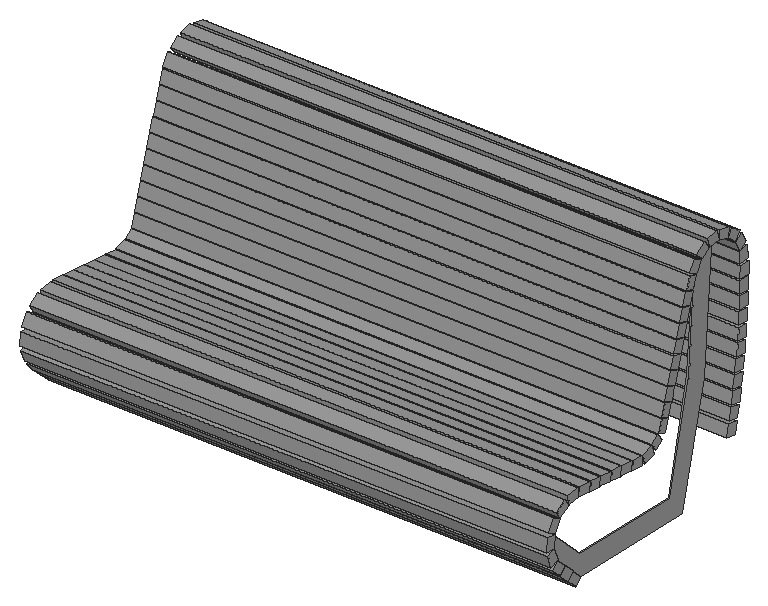
Revit family "Скамейка стальная «Парабола» Арт 12220", category Антураж, Revit 2018
Family settings
  На основе рабочей плоскости = Нет
  Всегда вертикально = Да
  При загрузке вырезать с полостями = Нет
  Источник визуального образа = Геометрия семейства
  Общий = Нет
  Точка расчета площади = Нет
Parameters (values of type "Версия 1,8 м")
  Ширина = 860 mm  # constant formula
  Цвет сидения = Дерево
  Цвет опоры = Сталь
  Средняя опора = [Версия 3,0 м]  # no
  Описание = if([Версия 1,5 м], "Скамейка стальная «Парабола». Версия 1,5 м", if([Версия 1,8 м], "Скамейка стальная «Парабола». Версия 1,8 м", if([Версия 2,0 м], "Скамейка стальная «Парабола». Версия 2,0 м", "Скамейка стальная «Парабола». Версия 3,0 м")))  # "Скамейка стальная «Парабола». Версия 1,8 м"
  Материал изделия = "Сталь, дерево"  # constant formula
  Изображение типоразмера = Скамейка стальная «Парабола» Арт 12220.jpg
  Изготовитель = "ООО «Хоббика»"  # constant formula
  Длина = if([Версия 1,5 м], 1500 mm, if([Версия 1,8 м], 1800 mm, if([Версия 2,0 м], 2000 mm, 3000 mm)))  # 1800 mm
  Группа модели = "Скамейки"  # constant formula
  Высота = 900 mm  # constant formula
  Версия 3,0 м = not(or([Версия 1,5 м], [Версия 1,8 м], [Версия 2,0 м]))  # no
  Версия 2,0 м = no
  Версия 1,8 м = yes
  Версия 1,5 м = no
  Артикул товара = "Арт. 12220"  # constant formula
  URL = "https://hobbyka.ru/product/skameyka_parabola/"
Types (5, lengths in mm): name | Средняя опора | Описание | Длина | Версия 3,0 м | Версия 2,0 м | Версия 1,8 м | Версия 1,5 м
  (no name) | no | "Скамейка стальная «Парабола». Версия 1,8 м" | 1800 | no | no | yes | no
  Версия 1,5 м | no | "Скамейка стальная «Парабола». Версия 1,5 м" | 1500 | no | no | no | yes
  Версия 1,8 м | no | "Скамейка стальная «Парабола». Версия 1,8 м" | 1800 | no | no | yes | no
  Версия 2,0 м | no | "Скамейка стальная «Парабола». Версия 2,0 м" | 2000 | no | yes | no | no
  Версия 3,0 м | yes | "Скамейка стальная «Парабола». Версия 3,0 м" | 3000 | yes | no | no | no
Reference planes
  plane 1 "По центру (Вперед/Назад)": y = 0
  plane 2: z = 0
  plane 3 "По центру (Влево/Вправо)": x = 0
  plane 4: x = 100
  plane 5: x = 1700
  plane 6: x = 1800
  plane 7: y = 860
  plane 8: z = 900
Forms (mm)
  Extrusion 1, solid, material "Дерево" <- "Цвет сидения"
    sketch origin (0, 0, 0) x (0, 1, 0) y (0, 0, 1)
      loop
        line (403.862, 313.575) -> (406.477, 343.461) -> (364.637, 347.121) -> (362.022, 317.235) -> (403.862, 313.575)
      loop
        line (359.033, 317.497) -> (361.648, 347.383) -> (319.808, 351.043) -> (317.193, 321.157) -> (359.033, 317.497)
      loop
        line (314.205, 321.419) -> (316.819, 351.305) -> (274.979, 354.965) -> (272.364, 325.079) -> (314.205, 321.419)
      loop
        line (269.376, 325.341) -> (271.99, 355.227) -> (230.15, 358.887) -> (227.536, 329.001) -> (269.376, 325.341)
      loop
        line (224.547, 329.263) -> (227.162, 359.149) -> (185.321, 362.809) -> (182.707, 332.923) -> (224.547, 329.263)
      loop
        line (179.718, 333.185) -> (182.333, 363.071) -> (140.493, 366.731) -> (137.878, 336.845) -> (179.718, 333.185)
      loop
        line (134.889, 337.107) -> (130.397, 366.769) -> (88.87, 360.479) -> (93.363, 330.817) -> (134.889, 337.107)
      loop
        line (91.695, 330.185) -> (74.87, 355.023) -> (40.097, 331.469) -> (56.921, 306.63) -> (91.695, 330.185)
      loop
        line (54.869, 304.442) -> (28.806, 319.299) -> (8.007, 282.81) -> (34.07, 267.954) -> (54.869, 304.442)
      loop
        line (33.532, 266.252) -> (3.612, 268.441) -> (0.547, 226.553) -> (30.468, 224.364) -> (33.532, 266.252)
      loop
        line (30.715, 222.597) -> (2.767, 211.692) -> (18.034, 172.565) -> (45.982, 183.47) -> (30.715, 222.597)
      loop
        line (47.662, 180.984) -> (26.279, 159.942) -> (55.739, 130.006) -> (77.121, 151.049) -> (47.662, 180.984)
      loop
        line (79.481, 149.165) -> (58.9, 127.338) -> (89.457, 98.524) -> (110.038, 120.35) -> (79.481, 149.165)
      loop
        line (112.392, 118.475) -> (91.811, 96.648) -> (122.368, 67.834) -> (142.949, 89.66) -> (112.392, 118.475)
      loop
        line (636.701, 798.036) -> (608.039, 806.895) -> (595.637, 766.767) -> (624.3, 757.909) -> (636.701, 798.036)
      loop
        line (623.414, 755.043) -> (594.751, 763.901) -> (582.35, 723.774) -> (611.012, 714.915) -> (623.414, 755.043)
      loop
        line (610.127, 712.049) -> (581.464, 720.907) -> (569.063, 680.78) -> (597.725, 671.922) -> (610.127, 712.049)
      loop
        line (596.839, 669.056) -> (568.177, 677.914) -> (555.776, 637.786) -> (584.438, 628.928) -> (596.839, 669.056)
      loop
        line (583.552, 626.062) -> (554.89, 634.92) -> (542.488, 594.793) -> (571.151, 585.935) -> (583.552, 626.062)
      loop
        line (570.265, 583.068) -> (541.603, 591.926) -> (529.201, 551.799) -> (557.864, 542.941) -> (570.265, 583.068)
      loop
        line (556.978, 540.075) -> (528.315, 548.933) -> (515.914, 508.805) -> (544.577, 499.947) -> (556.978, 540.075)
      loop
        line (543.691, 497.081) -> (515.028, 505.939) -> (502.627, 465.812) -> (531.289, 456.954) -> (543.691, 497.081)
      loop
        line (530.404, 454.087) -> (501.741, 462.946) -> (489.34, 422.818) -> (518.002, 413.96) -> (530.404, 454.087)
      loop
        line (517.116, 411.094) -> (488.454, 419.952) -> (476.053, 379.825) -> (504.715, 370.966) -> (517.116, 411.094)
      loop
        line (491.295, 356.186) -> (475.167, 376.958) -> (449.673, 357.165) -> (465.801, 336.392) -> (491.295, 356.186)
      loop
        line (454.663, 326.926) -> (445.823, 355.594) -> (407.599, 343.807) -> (416.439, 315.139) -> (454.663, 326.926)
      loop
        line (638.228, 801.697) -> (659.006, 831.877) -> (630.51, 848.329) -> (610.617, 813.874) -> (638.228, 801.697)
      loop
        line (661.754, 834.737) -> (692.895, 854.044) -> (673.396, 880.547) -> (641.35, 856.97) -> (661.754, 834.737)
      loop
        line (696.72, 855.146) -> (733.013, 860.178) -> (725.925, 892.31) -> (687.074, 883.74) -> (696.72, 855.146)
      loop
        line (736.978, 860.08) -> (772.241, 850.127) -> (778.642, 882.402) -> (739.617, 890.141) -> (736.978, 860.08)
      loop
        line (775.715, 848.209) -> (803.982, 824.894) -> (822.841, 851.858) -> (790.239, 874.66) -> (775.715, 848.209)
      loop
        line (806.251, 821.625) -> (822.646, 788.856) -> (850.813, 805.865) -> (830.247, 839.922) -> (806.251, 821.625)
      loop
        line (823.823, 785.069) -> (825.692, 748.476) -> (858.317, 752.753) -> (853.145, 792.201) -> (823.823, 785.069)
      loop
        arc (826.317, 741.963) -> (826.093, 721.962) -> (825.702, 701.963) r 2385.746
        line (825.702, 701.963) -> (860, 701.963) -> (860, 741.963) -> (826.317, 741.963)
      loop
        arc (825.538, 695.455) -> (824.924, 675.462) -> (824.143, 655.475) r 2385.746
        line (824.143, 655.475) -> (858.434, 654.806) -> (859.214, 694.799) -> (825.538, 695.455)
      loop
        arc (823.852, 648.971) -> (822.849, 628.994) -> (821.678, 609.026) r 2385.746
        line (821.678, 609.026) -> (855.95, 607.689) -> (857.509, 647.658) -> (823.852, 648.971)
      loop
        arc (821.26, 602.529) -> (819.867, 582.575) -> (818.307, 562.634) r 2385.746
        line (818.307, 562.634) -> (852.547, 560.629) -> (854.885, 600.56) -> (821.26, 602.529)
      loop
        arc (817.764, 556.147) -> (815.982, 536.223) -> (814.033, 516.316) r 2385.746
        line (814.033, 516.316) -> (848.227, 513.644) -> (851.344, 553.522) -> (817.764, 556.147)
      loop
        arc (813.363, 509.841) -> (811.193, 489.956) -> (808.857, 470.091) r 2385.746
        line (808.857, 470.091) -> (842.993, 466.752) -> (846.886, 506.562) -> (813.363, 509.841)
      loop
        arc (808.061, 463.63) -> (805.504, 443.791) -> (802.781, 423.975) r 2385.746
        line (802.781, 423.975) -> (836.845, 419.972) -> (841.513, 459.698) -> (808.061, 463.63)
      loop
        arc (801.859, 417.53) -> (798.915, 397.746) -> (795.806, 377.986) r 2385.746
        line (795.806, 377.986) -> (829.786, 373.32) -> (835.228, 412.948) -> (801.859, 417.53)
      loop
        arc (794.759, 371.561) -> (791.431, 351.837) -> (787.937, 332.142) r 2385.746
        line (787.937, 332.142) -> (821.819, 326.814) -> (828.033, 366.329) -> (794.759, 371.561)
      loop
        arc (786.764, 325.739) -> (783.052, 306.084) -> (779.175, 286.461) r 2385.746
        line (779.175, 286.461) -> (812.947, 280.473) -> (819.93, 319.859) -> (786.764, 325.739)
      loop
        arc (777.878, 280.081) -> (773.783, 260.502) -> (769.524, 240.958) r 2385.746
        line (769.524, 240.958) -> (803.173, 234.314) -> (810.922, 273.556) -> (777.878, 280.081)
    from 0 to 1800
Dimensions and locks
  "Длина": plane 3 "По центру (Влево/Вправо)" to plane 6
  "Ширина": plane 7 to plane 1 "По центру (Вперед/Назад)"
  locked: plane 3 "По центру (Влево/Вправо)" to plane 4 at 100
  locked: plane 5 to plane 6 at 100
  equal spacing: plane 4, nested 3, plane 5
  "Высота": plane 8 to level
  aligned and locked: level to plane 2
  aligned and locked: plane 4 to nested 1
  aligned and locked: plane 5 to nested 2
  aligned and locked: Extrusion 1 to plane 3 "По центру (Влево/Вправо)"
  aligned and locked: plane 6 to Extrusion 1
Automatic sketch dimensions
  Extrusion 1 sketch curve to Extrusion 1 sketch curve = 0 mm  (x126)
  Extrusion 1 sketch curve to plane 7 = 0 mm
  Extrusion 1 sketch curve to plane 7 = 0.786 mm
  Extrusion 1 sketch curve to plane 7 = 1.566 mm
  Extrusion 1 sketch curve to plane 7 = 1.683 mm
  Extrusion 1 sketch curve to plane 7 = 2.491 mm
  Extrusion 1 sketch curve to plane 7 = 4.05 mm
  Extrusion 1 sketch curve to plane 7 = 5.115 mm
  Extrusion 1 sketch curve to plane 7 = 6.855 mm
  Extrusion 1 sketch curve to plane 7 = 7.453 mm
  Extrusion 1 sketch curve to Extrusion 1 sketch curve = 1.203 mm
  Extrusion 1 sketch curve to plane 7 = 9.187 mm
  Extrusion 1 sketch curve to plane 7 = 11.773 mm
  Extrusion 1 sketch curve to Extrusion 1 sketch curve = 1.342 mm
  Extrusion 1 sketch curve to plane 7 = 17.007 mm
  Extrusion 1 sketch curve to Extrusion 1 sketch curve = 1.479 mm
  Extrusion 1 sketch curve to plane 7 = 23.155 mm
  Extrusion 1 sketch curve to Extrusion 1 sketch curve = 1.617 mm
  Extrusion 1 sketch curve to plane 7 = 29.753 mm
  Extrusion 1 sketch curve to plane 7 = 30.214 mm
  Extrusion 1 sketch curve to Extrusion 1 sketch curve = 1.753 mm
  Extrusion 1 sketch curve to plane 7 = 33.683 mm
  Extrusion 1 sketch curve to Extrusion 1 sketch curve = 33.513 mm
  Extrusion 1 sketch curve to Extrusion 1 sketch curve = 0.625 mm
  Extrusion 1 sketch curve to Extrusion 1 sketch curve = 0.164 mm
  Extrusion 1 sketch curve to Extrusion 1 sketch curve = 33.367 mm
  Extrusion 1 sketch curve to Extrusion 1 sketch curve = 0.29 mm
  Extrusion 1 sketch curve to Extrusion 1 sketch curve = 29.322 mm
  Extrusion 1 sketch curve to Extrusion 1 sketch curve = 7.406 mm
  Extrusion 1 sketch curve to Extrusion 1 sketch curve = 1.178 mm
  Extrusion 1 sketch curve to plane 7 = 38.181 mm
  Extrusion 1 sketch curve to Extrusion 1 sketch curve = 33.208 mm
  Extrusion 1 sketch curve to Extrusion 1 sketch curve = 0.417 mm
  Extrusion 1 sketch curve to Extrusion 1 sketch curve = 1.889 mm
  Extrusion 1 sketch curve to Extrusion 1 sketch curve = 33.037 mm
  Extrusion 1 sketch curve to Extrusion 1 sketch curve = 0.544 mm
  Extrusion 1 sketch curve to Extrusion 1 sketch curve = 32.853 mm
  Extrusion 1 sketch curve to Extrusion 1 sketch curve = 0.67 mm
  Extrusion 1 sketch curve to Extrusion 1 sketch curve = 6.983 mm
  Extrusion 1 sketch curve to Extrusion 1 sketch curve = 2.024 mm
  Extrusion 1 sketch curve to Extrusion 1 sketch curve = 32.656 mm
  Extrusion 1 sketch curve to Extrusion 1 sketch curve = 0.796 mm
  Extrusion 1 sketch curve to Extrusion 1 sketch curve = 23.996 mm
  Extrusion 1 sketch curve to Extrusion 1 sketch curve = 2.269 mm
  Extrusion 1 sketch curve to Extrusion 1 sketch curve = 7.75 mm
  Extrusion 1 sketch curve to Extrusion 1 sketch curve = 32.447 mm
  Extrusion 1 sketch curve to Extrusion 1 sketch curve = 0.922 mm
  Extrusion 1 sketch curve to Extrusion 1 sketch curve = 32.226 mm
  Extrusion 1 sketch curve to Extrusion 1 sketch curve = 1.048 mm
  Extrusion 1 sketch curve to plane 8 = 25.34 mm
  Extrusion 1 sketch curve to Extrusion 1 sketch curve = 32.602 mm
  Extrusion 1 sketch curve to Extrusion 1 sketch curve = 31.993 mm
  Extrusion 1 sketch curve to Extrusion 1 sketch curve = 1.173 mm
  Extrusion 1 sketch curve to Extrusion 1 sketch curve = 31.747 mm
  Extrusion 1 sketch curve to plane 8 = 17.598 mm
  Extrusion 1 sketch curve to Extrusion 1 sketch curve = 11.597 mm
  Extrusion 1 sketch curve to Extrusion 1 sketch curve = 1.297 mm
  Extrusion 1 sketch curve to Extrusion 1 sketch curve = 14.524 mm
  Extrusion 1 sketch curve to plane 8 = 49.873 mm
  Extrusion 1 sketch curve to Extrusion 1 sketch curve = 3.474 mm
  Extrusion 1 sketch curve to plane 8 = 9.859 mm
  Extrusion 1 sketch curve to plane 8 = 39.92 mm
  Extrusion 1 sketch curve to Extrusion 1 sketch curve = 2.638 mm
  Extrusion 1 sketch curve to plane 8 = 39.822 mm
  Extrusion 1 sketch curve to Extrusion 1 sketch curve = 3.965 mm
  Extrusion 1 sketch curve to plane 8 = 7.69 mm
  Extrusion 1 sketch curve to Extrusion 1 sketch curve = 13.691 mm
  Extrusion 1 sketch curve to plane 8 = 44.854 mm
  Extrusion 1 sketch curve to Extrusion 1 sketch curve = 36.294 mm
  Extrusion 1 sketch curve to plane 8 = 45.956 mm
  Extrusion 1 sketch curve to Extrusion 1 sketch curve = 3.824 mm
  Extrusion 1 sketch curve to plane 8 = 16.26 mm
  Extrusion 1 sketch curve to plane 8 = 19.453 mm
  Extrusion 1 sketch curve to Extrusion 1 sketch curve = 13.679 mm
  Extrusion 1 sketch curve to plane 8 = 65.263 mm
  Extrusion 1 sketch curve to Extrusion 1 sketch curve = 31.142 mm
  Extrusion 1 sketch curve to plane 8 = 68.123 mm
  Extrusion 1 sketch curve to Extrusion 1 sketch curve = 2.748 mm
  Extrusion 1 sketch curve to plane 8 = 43.03 mm
  Extrusion 1 sketch curve to plane 8 = 98.303 mm
  Extrusion 1 sketch curve to Extrusion 1 sketch curve = 20.778 mm
  Extrusion 1 sketch curve to plane 8 = 101.964 mm
  Extrusion 1 sketch curve to Extrusion 1 sketch curve = 1.527 mm
  Extrusion 1 sketch curve to plane 8 = 51.671 mm
  Extrusion 1 sketch curve to Extrusion 1 sketch curve = 10.84 mm
  Extrusion 1 sketch curve to plane 8 = 142.091 mm
  Extrusion 1 sketch curve to Extrusion 1 sketch curve = 12.401 mm  (x10)
  Extrusion 1 sketch curve to Extrusion 1 sketch curve = 0.886 mm  (x19)
  Extrusion 1 sketch curve to plane 8 = 86.126 mm
  Extrusion 1 sketch curve to plane 8 = 93.105 mm
  Extrusion 1 sketch curve to Extrusion 1 sketch curve = 13.42 mm
  Extrusion 1 sketch curve to Extrusion 1 sketch curve = 25.494 mm
  Extrusion 1 sketch curve to Extrusion 1 sketch curve = 11.138 mm
  Extrusion 1 sketch curve to Extrusion 1 sketch curve = 3.85 mm
  Extrusion 1 sketch curve to Extrusion 1 sketch curve = 38.224 mm
  Extrusion 1 sketch curve to Extrusion 1 sketch curve = 1.122 mm
  Extrusion 1 sketch curve to Extrusion 1 sketch curve = 12.577 mm
  Extrusion 1 sketch curve to Extrusion 1 sketch curve = 41.84 mm  (x6)
  Extrusion 1 sketch curve to Extrusion 1 sketch curve = 2.989 mm  (x11)
  Extrusion 1 sketch curve to plane 1 "По центру (Вперед/Назад)" = 142.949 mm
  Extrusion 1 sketch curve to Extrusion 1 sketch curve = 10.096 mm
  level to Extrusion 1 sketch curve = 67.834 mm
  Extrusion 1 sketch curve to Extrusion 1 sketch curve = 20.582 mm
  Extrusion 1 sketch curve to Extrusion 1 sketch curve = 30.557 mm  (x2)
  Extrusion 1 sketch curve to Extrusion 1 sketch curve = 2.354 mm  (x2)
  Extrusion 1 sketch curve to Extrusion 1 sketch curve = 41.526 mm
  Extrusion 1 sketch curve to Extrusion 1 sketch curve = 1.669 mm
  Extrusion 1 sketch curve to Extrusion 1 sketch curve = 2.36 mm
  Extrusion 1 sketch curve to Extrusion 1 sketch curve = 14.001 mm
  Extrusion 1 sketch curve to Extrusion 1 sketch curve = 34.773 mm
  Extrusion 1 sketch curve to Extrusion 1 sketch curve = 3.161 mm
  Extrusion 1 sketch curve to Extrusion 1 sketch curve = 2.052 mm
  Extrusion 1 sketch curve to Extrusion 1 sketch curve = 29.46 mm
  Extrusion 1 sketch curve to Extrusion 1 sketch curve = 1.68 mm
  Extrusion 1 sketch curve to plane 1 "По центру (Вперед/Назад)" = 34.07 mm
  Extrusion 1 sketch curve to Extrusion 1 sketch curve = 0.538 mm
  Extrusion 1 sketch curve to plane 1 "По центру (Вперед/Назад)" = 30.715 mm
  Extrusion 1 sketch curve to Extrusion 1 sketch curve = 0.247 mm
  Extrusion 1 sketch curve to Extrusion 1 sketch curve = 11.29 mm
  Extrusion 1 sketch curve to Extrusion 1 sketch curve = 8.245 mm
  Extrusion 1 sketch curve to plane 1 "По центру (Вперед/Назад)" = 3.612 mm
  Extrusion 1 sketch curve to Extrusion 1 sketch curve = 21.826 mm
  Extrusion 1 sketch curve to Extrusion 1 sketch curve = 1.876 mm  (x2)
  Extrusion 1 sketch curve to Extrusion 1 sketch curve = 2.668 mm
  Extrusion 1 sketch curve to Extrusion 1 sketch curve = 1.885 mm
  Extrusion 1 sketch curve to Extrusion 1 sketch curve = 12.623 mm
  Extrusion 1 sketch curve to Extrusion 1 sketch curve = 2.486 mm
  Extrusion 1 sketch curve to Extrusion 1 sketch curve = 1.767 mm
  Extrusion 1 sketch curve to Extrusion 1 sketch curve = 14.861 mm
  Extrusion 1 sketch curve to Extrusion 1 sketch curve = 1.701 mm
  Extrusion 1 sketch curve to Extrusion 1 sketch curve = 6.917 mm
  Extrusion 1 sketch curve to Extrusion 1 sketch curve = 14.369 mm
  Extrusion 1 sketch curve to Extrusion 1 sketch curve = 2.189 mm
  level to Extrusion 1 sketch curve = 313.575 mm
  Extrusion 1 sketch curve to Extrusion 1 sketch curve = 1.564 mm
  Extrusion 1 sketch curve to Extrusion 1 sketch curve = 3.661 mm  (x6)
  Extrusion 1 sketch curve to Extrusion 1 sketch curve = 0.261 mm  (x6)
  Extrusion 1 sketch curve to Extrusion 1 sketch curve = 6.956 mm
  Extrusion 1 sketch curve to Extrusion 1 sketch curve = 11.787 mm
  Extrusion 1 sketch curve to Extrusion 1 sketch curve = 23.554 mm
  Extrusion 1 sketch curve to Extrusion 1 sketch curve = 0.632 mm
  Extrusion 1 sketch curve to Extrusion 1 sketch curve = 9.466 mm
  Extrusion 1 sketch curve to Extrusion 1 sketch curve = 19.794 mm
  Extrusion 1 sketch curve to Extrusion 1 sketch curve = 14.78 mm
  Extrusion 1 sketch curve to Extrusion 1 sketch curve = 6.991 mm
  Extrusion 1 sketch curve to Extrusion 1 sketch curve = 2.866 mm  (x17)
  Extrusion 1 sketch curve to Extrusion 1 sketch curve = 7.024 mm
  Extrusion 1 sketch curve to Extrusion 1 sketch curve = 7.054 mm
  Extrusion 1 sketch curve to Extrusion 1 sketch curve = 7.082 mm
  Extrusion 1 sketch curve to Extrusion 1 sketch curve = 7.106 mm
  Extrusion 1 sketch curve to Extrusion 1 sketch curve = 7.128 mm
  Extrusion 1 sketch curve to Extrusion 1 sketch curve = 7.148 mm
  Extrusion 1 sketch curve to Extrusion 1 sketch curve = 7.165 mm
  Extrusion 1 sketch curve to Extrusion 1 sketch curve = 6.513 mm
  Extrusion 1 sketch curve to Extrusion 1 sketch curve = 10.79 mm
  Extrusion 1 sketch curve to Extrusion 1 sketch curve = 7.132 mm
  Extrusion 1 sketch curve to Extrusion 1 sketch curve = 3.787 mm
  Extrusion 1 sketch curve to Extrusion 1 sketch curve = 13.664 mm
  Extrusion 1 sketch curve to Extrusion 1 sketch curve = 18.298 mm
  Extrusion 1 sketch curve to Extrusion 1 sketch curve = 3.27 mm
  Extrusion 1 sketch curve to Extrusion 1 sketch curve = 1.918 mm
  Extrusion 1 sketch curve to plane 8 = 141.321 mm
  plane 1 "По центру (Вперед/Назад)" to Extrusion 1 sketch curve = 1559.37 mm
  Extrusion 1 sketch curve to Extrusion 1 sketch curve = 33.649 mm
  level to Extrusion 1 sketch curve = 234.314 mm
Nested families
  nested 1: "Скамейка стальная «Парабола» Арт 12220 опора" at (100, 0, 0), type "Крайняя опора"
  nested 2: "Скамейка стальная «Парабола» Арт 12220 опора" at (1700, 0, 0) x (-1, 0, 0) z (0, 0, 1), type "Крайняя опора"
  nested 3: "Скамейка стальная «Парабола» Арт 12220 опора" at (900, 0, 0), visible <- "Средняя опора", type "Средняя опора"
Definition of nested family "Скамейка стальная «Парабола» Арт 12220 опора"
  Parameters (values of type "Средняя опора")
    Цвет опоры = none
    Средняя опора = not(Крайняя опора)  # yes
    Крайняя опора = no
    Height = 0 mm
  Types (3, lengths in mm): name | Средняя опора | Крайняя опора
    (no name) | yes | no
    Крайняя опора | no | yes
    Средняя опора | yes | no
  Reference planes
    plane 1 "По центру (Вперед/Назад)": y = 0
    plane 2: z = 0
    plane 3 "По центру (Влево/Вправо)": x = 0
  Forms (mm)
    Extrusion 1, solid, material <- "Цвет опоры", visible <- "Крайняя опора"
      sketch origin (0, 0, 0) x (0, 1, 0) y (0, 0, 1)
        loop
          arc (702.529, 0) -> (795.493, 376.054) -> (826.373, 762.195) r 2385.746
          arc (826.373, 762.195) -> (740.097, 859.568) -> (632.827, 785.959) r 98.25
          line (632.827, 785.959) -> (516.513, 405.515)
          arc (516.513, 405.515) -> (474.146, 342.442) -> (403.862, 313.575) r 130.759
          line (403.862, 313.575) -> (137.223, 336.903)
          arc (137.223, 336.903) -> (39.534, 281.633) -> (56.124, 170.626) r 99.081
          line (56.124, 170.626) -> (239.098, 0) -> (702.529, 0)
        loop
          arc (756.373, 762.091) -> (730.948, 790.158) -> (700.446, 767.712) r 28.25
          line (700.446, 767.712) -> (583.455, 385.049)
          arc (583.455, 385.049) -> (515.647, 286) -> (403.446, 243.344) r 200.759
          line (403.446, 243.344) -> (131.122, 267.169)
          arc (131.122, 267.169) -> (102.838, 251.714) -> (106.185, 219.657) r 29.081
          line (106.185, 219.657) -> (266.672, 70) -> (651.603, 70)
          arc (651.603, 70) -> (730.289, 412.064) -> (756.373, 762.091) r 2315.746
      from 0 to 5
    Extrusion 2, solid, material <- "Цвет опоры", visible <- "Крайняя опора"
      sketch origin (0, 0, 0) x (0, 1, 0) y (0, 0, 1)
        loop
          arc (826.373, 762.195) -> (740.097, 859.568) -> (632.827, 785.959) r 98.25
          line (632.827, 785.959) -> (516.513, 405.515)
          arc (516.513, 405.515) -> (474.146, 342.442) -> (403.862, 313.575) r 130.759
          line (403.862, 313.575) -> (137.223, 336.903)
          arc (137.223, 336.903) -> (39.534, 281.633) -> (56.124, 170.626) r 99.081
          line (56.124, 170.626) -> (239.098, 0) -> (702.529, 0)
          arc (702.529, 0) -> (795.493, 376.054) -> (826.373, 762.195) r 2385.746
        loop
          line (637.646, 784.621) -> (521.295, 404.053)
          arc (521.295, 404.053) -> (477.129, 338.423) -> (403.877, 308.554) r 135.759
          line (403.877, 308.554) -> (136.787, 331.922)
          arc (136.787, 331.922) -> (44.066, 279.519) -> (59.664, 174.162) r 94.081
          line (59.664, 174.162) -> (241.068, 5) -> (698.93, 5)
          arc (698.93, 5) -> (790.846, 378.63) -> (821.373, 762.187) r 2380.746
          arc (821.373, 762.187) -> (739.425, 854.612) -> (637.646, 784.621) r 93.25
      from 0 to 25
    Extrusion 3, solid, material <- "Цвет опоры", visible <- "Средняя опора"
      sketch origin (0, 0, 0) x (0, 1, 0) y (0, 0, 1)
        loop
          arc (826.373, 762.195) -> (740.097, 859.568) -> (632.827, 785.959) r 98.25
          line (632.827, 785.959) -> (516.513, 405.515)
          arc (516.513, 405.515) -> (474.146, 342.442) -> (403.862, 313.575) r 130.759
          line (403.862, 313.575) -> (137.223, 336.903)
          arc (137.223, 336.903) -> (39.534, 281.633) -> (56.124, 170.626) r 99.081
          line (56.124, 170.626) -> (239.098, 0) -> (702.529, 0)
          arc (702.529, 0) -> (795.493, 376.054) -> (826.373, 762.195) r 2385.746
        loop
          line (637.646, 784.621) -> (521.295, 404.053)
          arc (521.295, 404.053) -> (477.129, 338.423) -> (403.877, 308.554) r 135.759
          line (403.877, 308.554) -> (136.787, 331.922)
          arc (136.787, 331.922) -> (44.066, 279.519) -> (59.664, 174.162) r 94.081
          line (59.664, 174.162) -> (241.068, 5) -> (698.93, 5)
          arc (698.93, 5) -> (790.846, 378.63) -> (821.373, 762.187) r 2380.746
          arc (821.373, 762.187) -> (739.425, 854.612) -> (637.646, 784.621) r 93.25
      from -25 to 25
    Extrusion 4, solid, material <- "Цвет опоры", visible <- "Средняя опора"
      sketch origin (0, 0, 0) x (0, 1, 0) y (0, 0, 1)
        loop
          arc (702.529, 0) -> (795.493, 376.054) -> (826.373, 762.195) r 2385.746
          arc (826.373, 762.195) -> (740.097, 859.568) -> (632.827, 785.959) r 98.25
          line (632.827, 785.959) -> (516.513, 405.515)
          arc (516.513, 405.515) -> (474.146, 342.442) -> (403.862, 313.575) r 130.759
          line (403.862, 313.575) -> (137.223, 336.903)
          arc (137.223, 336.903) -> (39.534, 281.633) -> (56.124, 170.626) r 99.081
          line (56.124, 170.626) -> (239.098, 0) -> (702.529, 0)
        loop
          arc (756.373, 762.091) -> (730.948, 790.158) -> (700.446, 767.712) r 28.25
          line (700.446, 767.712) -> (583.455, 385.049)
          arc (583.455, 385.049) -> (515.647, 286) -> (403.446, 243.344) r 200.759
          line (403.446, 243.344) -> (131.122, 267.169)
          arc (131.122, 267.169) -> (102.838, 251.714) -> (106.185, 219.657) r 29.081
          line (106.185, 219.657) -> (266.672, 70) -> (651.603, 70)
          arc (651.603, 70) -> (730.289, 412.064) -> (756.373, 762.091) r 2315.746
      from -2.5 to 2.5
  Cuts and joins
    joined: Extrusion 1, Extrusion 2
    joined: Extrusion 3, Extrusion 4
  Dimensions and locks
    aligned and locked: level to plane 2
